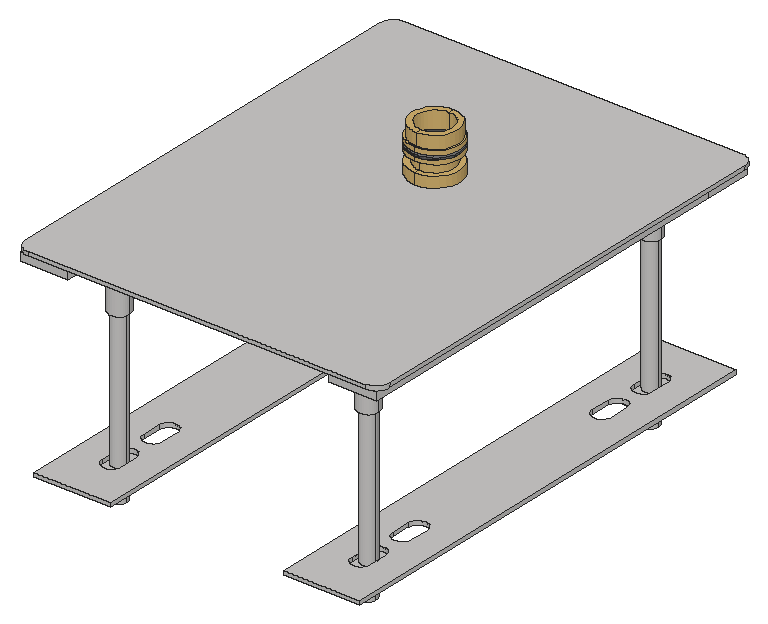
Revit family "PRD_AR_ShwrFttngsPckg_MountingPlate_ACXX2023", category Specialty Equipment, host Face, Revit 2023
Family settings
  Host = Face
  Round Connector Dimension = Use Diameter
  Part Type = Normal
  OmniClass Number = 23.45.05.14.99
  OmniClass Title = Other Sanitary Washing Plumbing Fixtures
  Enable Cutting in Views = Yes
  Cut with Voids When Loaded = Yes
  Maintain Annotation Orientation = No
  Shared = No
  Room Calculation Point = No
Parameters (values of type "ACXX2023")
  Waste Connection = yes
  WarrantyStartDate [instance] = "1900-12-31T23:59:59"
  WarrantyGuarantorParts = "n/a"
  WarrantyGuarantorLabor = "n/a"
  WarrantyDurationUnit = "n/a"
  WarrantyDurationParts = "n/a"
  WarrantyDurationLabor = "n/a"
  WarrantyDescription = "n/a"
  WallThicknessControl [instance] = if(WallThickness < 50 mm, 50 mm, if(WallThickness > 500 mm, 500 mm, WallThickness))  # 100 mm
  WallThickness [instance] = 100 mm
  WFU = 0
  Version = "1"
  Vent Connection = yes
  Uniclass2015Version = "Products v1.36"
  Uniclass2015Title = "Shower fittings package"
  Uniclass2015Code = "Pr_40_20_87_75"
  URL = "www.kwc-professional.com"
  TypeOfShowerHead = "Jet shower head"
  Type IFC Predefined Type = "USERDEFINED"
  Type = "Shower head"
  TagNumber [instance] = "n/a"
  SustainabilityPerformance = "n/a"
  Status = "New"
  Size = "15"
  Shape = "n/a"
  SerialNumber [instance] = "n/a"
  Revision = "n/a"
  ReplacementCost = "n/a"
  Reference = "n/a"
  ProductInformation = "http://pim.kwc.com/product/2030068175/attachment/datasheet?locale=en"
  NominalWidth = 190 mm
  NominalLength = 245 mm
  NominalHeight = 245 mm
  NominalDepth = 2 mm
  Name = "Mounting plate ACXX2023"
  NBSTypeID = "n/a"
  NBSReference = "45-35-70/330"
  NBSOfficeMasterTag = "n/a"
  NBSNote = "n/a"
  NBSDescription = "Shower fittings package"
  NBSCertification = "n/a"
  ModelReference = "ACXX2023"
  ModelNumber = "2030068175"
  Model = ModelReference  # "ACXX2023"
  Material = "Stainless steel"
  ManufacturerURL = "www.kwc-professional.com"
  ManufacturerName = "KWC Group Management AG"
  Manufacturer = ManufacturerName  # "KWC Group Management AG"
  InstallationDate [instance] = "1900-12-31T23:59:59"
  IfcExportType = "USERDEFINED"
  IfcExportAs = "IfcSanitaryTerminalType"
  HWFU = 0
  HW Connection = yes
  Grade = "n/a"
  Finish = "n/a"
  Features = "Stainless steel plate 190 x 245 x 2 mm for invisiblemounting via threaded rods, up to a wall thickness of 50 to 500 mm"
  Export Type to IFC As = "IfcSanitaryTerminalType"
  ExpectedLife = "n/a"
  DurationUnit = "n/a"
  Description = "Mounting plate with connecting nozzles for shower head DN 15 for concealed mounting. Especially suitable for facilities at risk of vandalism. Stainless steel plate 190 x 245 x 2 mm for invisible mounting via threaded rods, up to a wall thickness of 50 to 500 mm, with connecting nozzle with pre-fitted flow regulator 9.0 l/min for KWC shower head DN 15 (required separately)."
  Default Elevation = 1219.2 mm
  CreateOn = "04/2025"  # constant formula
  Constituents = "n/a"
  Color = "n/a"
  CodePerformance = "n/a"
  Category = "Pr_40_20_87_75, Shower fittings package"
  CWFU = 0
  CW Connection = yes
  BodyMaterial = PRD_AR_StainlessSteel_Brushed
  BarCode [instance] = "n/a"
  BIMObjectName = "PRD_AR_ShowerFittingsPackage_MountingPlate_ACXX2023"
  Author = "Archispace"
  AssetType = "Fixed"
  AssetIdentifier [instance] = "n/a"
  AdjustableTiltAngle = "No"
  AccessibilityPerformance = "n/a"
Reference planes
  plane 1 "Center (Front/Back)": y = 0
  plane 2: z = 0
  plane 3 "Center (Left/Right)": x = 0
  plane 4: z = -100
Forms (mm)
  Extrusion 1, void
    sketch origin (0, 0, 0) x (1, 0, 0) y (0, 1, 0)
      loop
        circle (0, 4.921) r 11.456
    from -25 to 17.126
  Extrusion 2, void
    sketch origin (0, 0, 0) x (1, 0, 0) y (0, 1, 0)
      loop
        line (-73.04, 101.038) -> (-73.04, 0) -> (-73.04, -101.038) -> (0, -101.038) -> (73.04, -101.038) -> (73.04, 0) -> (73.04, 101.038) -> (0, 101.038) -> (-73.04, 101.038)
    from 0 to -100
Dimensions and locks
  "WallThicknessControl": level to plane 4
  aligned and locked: plane 2 to host face
  aligned and locked: level to host face
  aligned and locked: Extrusion 2 to plane 4
Automatic sketch dimensions
  host sketch curve to host sketch curve = 2438.4 mm  (x2)
  Extrusion 1 sketch curve to Extrusion 1 sketch curve = 0 mm  (x2)
  Extrusion 1 sketch curve to plane 3 "Center (Left/Right)" = 0 mm
  Extrusion 1 sketch curve to plane 1 "Center (Front/Back)" = 4.921 mm
  Extrusion 1 sketch curve to Extrusion 1 sketch curve = 11.456 mm
  plane 1 "Center (Front/Back)" to Extrusion 2 sketch curve = 0 mm  (x2)
  Extrusion 2 sketch curve to plane 3 "Center (Left/Right)" = 0 mm  (x2)
  Extrusion 2 sketch curve to Extrusion 2 sketch curve = 73.04 mm
  plane 3 "Center (Left/Right)" to Extrusion 2 sketch curve = 73.04 mm
  plane 1 "Center (Front/Back)" to Extrusion 2 sketch curve = 101.038 mm
  Extrusion 2 sketch curve to plane 1 "Center (Front/Back)" = 101.038 mm
Nested families
  nested 1: "MountingPlate" at (0, 0, 0) x (-1, 0, 0) z (0, 0, 1), Wall Thickness <- "WallThickness", type "MountingPlate"
    with Wall Thickness_Control 100 mm, Wall Thickness 100 mm
Connectors
  piping at (0, 32.5, -18), diameter 15
    settings: on nested 1, index 1, connector inside diameter 609.6 mm, connector length 0 mm, flow factor 0, pipe flow 0.0 L/s, pressure drop 0.0 Pa, fitting loss kfactor 0, connector angle 0.00°, fixture units 0, engagement length 0 mm, angle of deflection 0.00°, flow configuration 0, flow direction 1, fitting loss method 0, system type 20, joint type 0, gender type 0, connector reference index -1, connector utility 0, adjustable connector no, is connector primary yes, connector description "G1/2B"
Definition of nested family "MountingPlate"
  Parameters (values of type "MountingPlate")
    Wall Thickness_Control [instance] = if(Wall Thickness < 50 mm, 50 mm, if(Wall Thickness > 500 mm, 500 mm, Wall Thickness))  # 130 mm
    Wall Thickness [instance] = 130 mm
    Material = none
    Default Elevation = 0 mm
    Brass Material = none
  Reference planes
    plane 1 "Center (Front/Back)": y = 0
    plane 2: z = 0
    plane 3 "Center (Left/Right)": x = 0
    plane 4: z = -148.736
    plane 5: z = -132
    plane 6: z = -130
    plane 7: z = 2
    plane 8: z = -4.4
    plane 9: z = 26
    plane 10: z = -18
  Forms (mm)
    Extrusion 1, solid, material <- "Material", detail levels fine
      sketch origin (0, 0, 0) x (1, 0, 0) y (0, 1, 0)
        loop
          line (-95, 115.5) -> (-95, -115.5)
          arc (-95, -115.5) -> (-92.95, -120.45) -> (-88, -122.5) r 7
          line (-88, -122.5) -> (88, -122.5)
          arc (88, -122.5) -> (92.95, -120.45) -> (95, -115.5) r 7
          line (95, -115.5) -> (95, 115.5)
          arc (95, 115.5) -> (92.95, 120.45) -> (88, 122.5) r 7
          line (88, 122.5) -> (-88, 122.5)
          arc (-88, 122.5) -> (-92.95, 120.45) -> (-95, 115.5) r 7
      from 0 to 2
    Revolve 2, solid, material <- "Brass Material", detail levels fine
      sketch origin (0, 0, 0) x (0, 1, 0) y (0, 0, 1)
        loop
          line (-25.576, -18) -> (-22.976, -18) -> (-22, -17.023) -> (-22, -1.4) -> (-15.929, -1.4) -> (-15.929, 0) -> (-23.177, 0) -> (-23.177, 2) -> (-19.423, 2) -> (-19.423, 7.5) -> (-22.512, 7.5) -> (-22.512, 13) -> (-19.423, 13) -> (-19.423, 15) -> (-23.316, 15) -> (-25.576, 12.74) -> (-25.576, -18)
        loop
          line (-19.423, 19.5) -> (-20.5, 19.5) -> (-20.5, 26) -> (-23.316, 26) -> (-23.316, 17.3) -> (-19.423, 17.3) -> (-19.423, 19.5)
        axis (-32.5, 26) -> (-32.5, -18)
      angle from 0 to 360
    Extrusion 3, solid, material <- "Brass Material", detail levels fine
      sketch origin (0, 0, 0) x (1, 0, 0) y (0, 1, 0)
        loop
          line (0, -16.334) -> (-14, -24.417) -> (-14, -40.583) -> (0, -48.666) -> (14, -40.583) -> (14, -24.417) -> (0, -16.334)
      from -4.4 to -1.436
    Revolve 4, solid, detail levels fine
      sketch origin (0, 0, 0) x (0, 1, 0) y (0, 0, 1)
        loop
          circle (-20.493, 16.007) r 1.002
        axis (-32.5, 16.007) -> (-32.5, 15.007)
      angle from 0 to 360
    Extrusion 5, solid, material <- "Material", detail levels fine
      sketch origin (0, 0, 0) x (1, 0, 0) y (0, 1, 0)
        loop
          line (-93, 121.5) -> (-93, -94.5) -> (-68, -94.5) -> (-68, 121.5) -> (-93, 121.5)
        loop
          line (93, 121.5) -> (68, 121.5) -> (68, -94.5) -> (93, -94.5) -> (93, 121.5)
      from -4.4 to 0
    Extrusion 6, solid, material <- "Material", detail levels fine
      sketch origin (0, 0, 0) x (1, 0, 0) y (0, 1, 0)
        loop
          line (-93, -94.5) -> (-93, -119.5) -> (93, -119.5) -> (93, -94.5) -> (-93, -94.5)
      from -4.4 to 0
    Extrusion 7, solid, material <- "Material", detail levels medium+fine
      sketch origin (0, 0, 0) x (1, 0, 0) y (0, 1, 0)
        loop
          circle (-64.946, 92.047) r 5.42
      from -30.436 to 0
    Extrusion 8, solid, material <- "Material", detail levels medium+fine
      sketch origin (0, 0, 0) x (-1, 0, 0) y (0, -1, 0)
        loop
          circle (-64.946, -92.047) r 5.42
      from -30.436 to 0
    Extrusion 9, solid, material <- "Material", detail levels medium+fine
      sketch origin (0, 0, 0) x (-1, 0, 0) y (0, -1, 0)
        loop
          circle (-64.946, 92.047) r 5.42
      from -30.436 to 0
    Extrusion 10, solid, material <- "Material", detail levels medium+fine
      sketch origin (0, 0, 0) x (1, 0, 0) y (0, 1, 0)
        loop
          circle (-64.946, -92.047) r 5.42
      from -30.436 to 0
    Extrusion 11, solid, material <- "Material", detail levels medium+fine
      sketch origin (0, 0, 0) x (1, 0, 0) y (0, 1, 0)
        loop
          circle (-64.946, 92.047) r 4.038
        loop
          circle (64.946, 92.047) r 4.038
        loop
          circle (64.946, -92.047) r 4.038
        loop
          circle (-64.946, -92.047) r 4.038
      from -148.736 to -30.436
    Sweep 12, solid, material <- "Material", detail levels fine
      path origin (0, 0, 0) x (0, 1, 0) y (0, 0, 1)
        loop
          line (122.5, -132) -> (122.5, -130)
      profile origin (0, 122.5, -131) x (0, -1, 0) y (1, 0, 0)
        loop
          line (0, -85) -> (245, -85) -> (245, -45) -> (0, -45) -> (0, -85)
        loop
          line (192.5, -60) -> (182.5, -60)
          arc (182.5, -60) -> (177.5, -65) -> (182.5, -70) r 5
          line (182.5, -70) -> (192.5, -70)
          arc (192.5, -70) -> (197.5, -65) -> (192.5, -60) r 5
        loop
          line (219.5, -60) -> (209.5, -60)
          arc (209.5, -60) -> (204.5, -65) -> (209.5, -70) r 5
          line (209.5, -70) -> (219.5, -70)
          arc (219.5, -70) -> (224.5, -65) -> (219.5, -60) r 5
        loop
          arc (52.5, -60) -> (47.5, -65) -> (52.5, -70) r 5
          line (52.5, -70) -> (62.5, -70)
          arc (62.5, -70) -> (67.5, -65) -> (62.5, -60) r 5
          line (62.5, -60) -> (52.5, -60)
        loop
          arc (25.5, -60) -> (20.5, -65) -> (25.5, -70) r 5
          line (25.5, -70) -> (35.5, -70)
          arc (35.5, -70) -> (40.5, -65) -> (35.5, -60) r 5
          line (35.5, -60) -> (25.5, -60)
        loop
          line (0, 85) -> (0, 45) -> (245, 45) -> (245, 85) -> (0, 85)
        loop
          arc (192.5, 60) -> (197.5, 65) -> (192.5, 70) r 5
          line (192.5, 70) -> (182.5, 70)
          arc (182.5, 70) -> (177.5, 65) -> (182.5, 60) r 5
          line (182.5, 60) -> (192.5, 60)
        loop
          arc (219.5, 60) -> (224.5, 65) -> (219.5, 70) r 5
          line (219.5, 70) -> (209.5, 70)
          arc (209.5, 70) -> (204.5, 65) -> (209.5, 60) r 5
          line (209.5, 60) -> (219.5, 60)
        loop
          line (52.5, 60) -> (62.5, 60)
          arc (62.5, 60) -> (67.5, 65) -> (62.5, 70) r 5
          line (62.5, 70) -> (52.5, 70)
          arc (52.5, 70) -> (47.5, 65) -> (52.5, 60) r 5
        loop
          line (25.5, 60) -> (35.5, 60)
          arc (35.5, 60) -> (40.5, 65) -> (35.5, 70) r 5
          line (35.5, 70) -> (25.5, 70)
          arc (25.5, 70) -> (20.5, 65) -> (25.5, 60) r 5
    Sweep 13, solid, material <- "Material", detail levels fine
      path origin (0, 0, 0) x (0, 1, 0) y (0, 0, 1)
        loop
          line (106, -135) -> (106, -132)
      profile origin (0, 106, -133.5) x (0, -1, 0) y (1, 0, 0)
        loop
          circle (13.984, -64.949) r 13.871
        loop
          circle (13.984, 64.949) r 13.871
        loop
          circle (198.016, -64.949) r 13.871
        loop
          circle (198.016, 64.949) r 13.871
    Sweep 14, solid, material <- "Material", detail levels fine
      path origin (0, 0, 0) x (0, 1, 0) y (0, 0, 1)
        loop
          line (93.672, -141.8) -> (93.672, -135)
      profile origin (0, 93.672, -138.4) x (0, -1, 0) y (1, 0, 0)
        loop
          line (-5.834, -65) -> (-2.081, -71.5) -> (5.425, -71.5) -> (9.177, -65) -> (5.425, -58.5) -> (-2.081, -58.5) -> (-5.834, -65)
        loop
          line (-5.834, 65) -> (-2.081, 58.5) -> (5.425, 58.5) -> (9.177, 65) -> (5.425, 71.5) -> (-2.081, 71.5) -> (-5.834, 65)
        loop
          line (193.177, -65) -> (189.425, -58.5) -> (181.919, -58.5) -> (178.166, -65) -> (181.919, -71.5) -> (189.425, -71.5) -> (193.177, -65)
        loop
          line (193.177, 65) -> (189.425, 71.5) -> (181.919, 71.5) -> (178.166, 65) -> (181.919, 58.5) -> (189.425, 58.5) -> (193.177, 65)
    Extrusion 15, solid, material <- "Material", detail levels coarse
      sketch origin (0, 122.5, -132) x (0, 1, 0) y (-1, 0, 0)
        loop
          line (0, 95) -> (-245, 95) -> (-245, -95) -> (0, -95) -> (0, 95)
      from -16.736 to 134
    Extrusion 16, solid, material <- "Brass Material", detail levels coarse
      sketch origin (0, 122.5, -132) x (0, 1, 0) y (-1, 0, 0)
        loop
          circle (-155, 0) r 16.571
      from 114 to 158
    Extrusion 17, solid, material <- "Material", detail levels medium
      sketch origin (0, 122.5, -132) x (0, 1, 0) y (-1, 0, 0)
        loop
          line (-245, 95) -> (-245, -95) -> (0, -95) -> (0, 95) -> (-245, 95)
      from 127.6 to 134
    Sweep 18, solid, material <- "Material", detail levels medium
      path origin (0, 0, 0) x (0, 1, 0) y (0, 0, 1)
        loop
          line (122.5, -132) -> (122.5, -130)
      profile origin (0, 122.5, -131) x (0, -1, 0) y (1, 0, 0)
        loop
          line (0, -85) -> (245, -85) -> (245, -45) -> (0, -45) -> (0, -85)
        loop
          line (0, 85) -> (0, 45) -> (245, 45) -> (245, 85) -> (0, 85)
    Revolve 19, solid, material <- "Brass Material", detail levels medium
      sketch origin (0, 0, 0) x (0, 1, 0) y (0, 0, 1)
        loop
          line (-32.5, -18) -> (-22, -18) -> (-22, -1.4) -> (-15.929, -1.4) -> (-15.929, 0) -> (-23.177, 0) -> (-23.177, 2) -> (-19.423, 2) -> (-19.423, 7.5) -> (-22.512, 7.5) -> (-22.512, 13) -> (-19.423, 13) -> (-19.423, 19.5) -> (-20.5, 19.5) -> (-20.5, 26) -> (-32.5, 26) -> (-32.5, -18)
        axis (-32.5, 26) -> (-32.5, -18)
      angle from 0 to 360
  Dimensions and locks
    locked: plane 5 to plane 4 at 16.736
    locked: Sweep 12 sketch curve to plane 5 at 2
    locked: Sweep 13 sketch curve to Sweep 13 sketch curve at 3
    locked: plane 5 to Sweep 14 sketch curve at 3
    locked: Sweep 14 sketch curve to Sweep 14 sketch curve at 6.8
    locked: plane 6 to plane 5 at 2
    "Wall Thickness_Control": level to plane 6
    aligned and locked: level to plane 2
    aligned and locked: Extrusion 11 to plane 4
    aligned and locked: plane 5 to Sweep 12 sketch curve
    aligned and locked: plane 5 to Sweep 13 sketch curve
    aligned and locked: Extrusion 15 to plane 4
    aligned and locked: Extrusion 17 to Extrusion 3
    aligned and locked: Extrusion 17 to Extrusion 1
    aligned and locked: Extrusion 15 to Extrusion 1
    aligned and locked: plane 9 to Extrusion 16
    aligned and locked: plane 10 to Extrusion 16
  Automatic sketch dimensions
    Extrusion 1 sketch curve to plane 3 "Center (Left/Right)" = 95 mm
    Extrusion 1 sketch curve to Extrusion 1 sketch curve = 7 mm  (x3)
    plane 3 "Center (Left/Right)" to Extrusion 1 sketch curve = 88 mm  (x2)
    plane 1 "Center (Front/Back)" to Extrusion 1 sketch curve = 122.5 mm
    Extrusion 1 sketch curve to plane 1 "Center (Front/Back)" = 115.5 mm
    Revolve 2 sketch curve to level = 0 mm
    plane 1 "Center (Front/Back)" to Revolve 2 sketch curve = 25.576 mm
    Revolve 2 sketch curve to Revolve 2 sketch curve = 2.26 mm
    Revolve 2 sketch curve to Revolve 2 sketch curve = 0 mm  (x2)
    Revolve 2 sketch curve to Revolve 2 sketch curve = 2.399 mm
    Revolve 2 sketch curve to Revolve 2 sketch curve = 2.6 mm
    Revolve 2 sketch curve to Revolve 2 sketch curve = 0.665 mm
    Revolve 2 sketch curve to Revolve 2 sketch curve = 1.178 mm
    Revolve 2 sketch curve to Revolve 2 sketch curve = 2.816 mm
    Revolve 2 sketch curve to Revolve 2 sketch curve = 3.089 mm  (x2)
    Revolve 2 sketch curve to level = 1.4 mm
    Revolve 2 sketch curve to Revolve 2 sketch curve = 3.495 mm
    Revolve 2 sketch curve to Revolve 2 sketch curve = 15.623 mm
    Revolve 2 sketch curve to Revolve 2 sketch curve = 0.977 mm
    level to Revolve 2 sketch curve = 2 mm
    Revolve 2 sketch curve to Revolve 2 sketch curve = 5.5 mm
    Revolve 2 sketch curve to Revolve 2 sketch curve = 5.24 mm
    Revolve 2 sketch curve to Revolve 2 sketch curve = 0.26 mm
    Revolve 2 sketch curve to Revolve 2 sketch curve = 2 mm
    Revolve 2 sketch curve to Revolve 2 sketch curve = 2.3 mm
    Revolve 2 sketch curve to Revolve 2 sketch curve = 2.2 mm
    Revolve 2 sketch curve to Revolve 2 sketch curve = 6.5 mm
    level to Revolve 2 sketch curve = 2.625 mm
    Revolve 2 sketch curve to Revolve 2 sketch curve = 9.323 mm
    Revolve 2 sketch curve to Revolve 2 sketch curve = 4.375 mm
    Extrusion 3 sketch curve to plane 3 "Center (Left/Right)" = 0 mm  (x2)
    Extrusion 3 sketch curve to plane 3 "Center (Left/Right)" = 14 mm
    plane 3 "Center (Left/Right)" to Extrusion 3 sketch curve = 14 mm
    plane 1 "Center (Front/Back)" to Extrusion 3 sketch curve = 48.666 mm
    Extrusion 3 sketch curve to Extrusion 3 sketch curve = 8.083 mm  (x3)
    Extrusion 3 sketch curve to Extrusion 3 sketch curve = 16.166 mm  (x2)
    plane 1 "Center (Front/Back)" to Revolve 4 sketch curve = 20.493 mm
    level to Revolve 4 sketch curve = 16.007 mm
    Revolve 4 sketch curve to Revolve 4 sketch curve = 12.007 mm
    level to Revolve 4 sketch curve = 8.826 mm
    Revolve 4 sketch curve to Revolve 4 sketch curve = 9.993 mm
    Extrusion 5 sketch curve to plane 3 "Center (Left/Right)" = 93 mm
    Extrusion 5 sketch curve to Extrusion 5 sketch curve = 25 mm  (x2)
    plane 3 "Center (Left/Right)" to Extrusion 5 sketch curve = 68 mm
    plane 1 "Center (Front/Back)" to Extrusion 5 sketch curve = 94.5 mm  (x2)
    Extrusion 5 sketch curve to plane 1 "Center (Front/Back)" = 121.5 mm  (x2)
    Extrusion 6 sketch curve to plane 3 "Center (Left/Right)" = 93 mm
    plane 3 "Center (Left/Right)" to Extrusion 6 sketch curve = 93 mm
    plane 1 "Center (Front/Back)" to Extrusion 6 sketch curve = 119.5 mm
    Extrusion 6 sketch curve to Extrusion 6 sketch curve = 25 mm
    Extrusion 7 sketch curve to plane 3 "Center (Left/Right)" = 64.946 mm
    Extrusion 7 sketch curve to plane 1 "Center (Front/Back)" = 92.047 mm
    plane 3 "Center (Left/Right)" to Extrusion 8 sketch curve = 64.946 mm
    Extrusion 8 sketch curve to plane 1 "Center (Front/Back)" = 92.047 mm
    plane 3 "Center (Left/Right)" to Extrusion 9 sketch curve = 64.946 mm
    plane 1 "Center (Front/Back)" to Extrusion 9 sketch curve = 92.047 mm
    Extrusion 10 sketch curve to plane 3 "Center (Left/Right)" = 64.946 mm
    plane 1 "Center (Front/Back)" to Extrusion 10 sketch curve = 92.047 mm
    Extrusion 11 sketch curve to plane 3 "Center (Left/Right)" = 64.946 mm  (x2)
    plane 3 "Center (Left/Right)" to Extrusion 11 sketch curve = 64.946 mm  (x2)
    plane 1 "Center (Front/Back)" to Extrusion 11 sketch curve = 92.047 mm  (x2)
    Extrusion 11 sketch curve to plane 1 "Center (Front/Back)" = 92.047 mm  (x2)
    Sweep 12 sketch curve to plane 1 "Center (Front/Back)" = 122.5 mm
    Sweep 12 sketch curve to profile plane = 0 mm  (x2)
    Sweep 12 sketch curve to profile plane = 25.5 mm  (x2)
    Sweep 12 sketch curve to Sweep 12 sketch curve = 10 mm  (x8)
    Sweep 12 sketch curve to Sweep 12 sketch curve = 17 mm  (x4)
    Sweep 12 sketch curve to plane 3 "Center (Left/Right)" = 70 mm  (x2)
    Sweep 12 sketch curve to Sweep 12 sketch curve = 120 mm  (x2)
    Sweep 12 sketch curve to Sweep 12 sketch curve = 25.5 mm  (x2)
    Sweep 12 sketch curve to Sweep 12 sketch curve = 15 mm  (x5)
    Sweep 12 sketch curve to Sweep 12 sketch curve = 0 mm  (x4)
    Sweep 12 sketch curve to Sweep 12 sketch curve = 5 mm  (x8)
    plane 3 "Center (Left/Right)" to Sweep 12 sketch curve = 45 mm
    Sweep 13 sketch curve to plane 1 "Center (Front/Back)" = 106 mm
    Sweep 13 sketch curve to profile plane = 13.984 mm  (x2)
    plane 3 "Center (Left/Right)" to Sweep 13 sketch curve = 64.949 mm  (x2)
    Sweep 13 sketch curve to Sweep 13 sketch curve = 184.032 mm
    Sweep 13 sketch curve to plane 3 "Center (Left/Right)" = 64.949 mm  (x2)
    Sweep 13 sketch curve to Sweep 13 sketch curve = 0 mm
    Sweep 14 sketch curve to plane 1 "Center (Front/Back)" = 93.672 mm
    profile plane to Sweep 14 sketch curve = 5.834 mm  (x2)
    profile plane to Sweep 14 sketch curve = 2.081 mm  (x4)
    Sweep 14 sketch curve to profile plane = 5.425 mm  (x4)
    Sweep 14 sketch curve to Sweep 14 sketch curve = 3.753 mm  (x8)
    plane 3 "Center (Left/Right)" to Sweep 14 sketch curve = 65 mm  (x2)
    Sweep 14 sketch curve to Sweep 14 sketch curve = 168.989 mm
    Sweep 14 sketch curve to plane 3 "Center (Left/Right)" = 65 mm  (x2)
    Sweep 14 sketch curve to Sweep 14 sketch curve = 0 mm
    Sweep 14 sketch curve to plane 3 "Center (Left/Right)" = 71.5 mm  (x2)
    plane 3 "Center (Left/Right)" to Sweep 14 sketch curve = 71.5 mm
    plane 3 "Center (Left/Right)" to Sweep 14 sketch curve = 58.5 mm  (x2)
    Sweep 14 sketch curve to Sweep 14 sketch curve = 7.506 mm  (x4)
    Sweep 14 sketch curve to Sweep 14 sketch curve = 6.5 mm  (x7)
    plane 1 "Center (Front/Back)" to Extrusion 15 sketch curve = 122.5 mm
    plane 3 "Center (Left/Right)" to Extrusion 15 sketch curve = 95 mm
    Extrusion 15 sketch curve to plane 1 "Center (Front/Back)" = 122.5 mm
    Extrusion 15 sketch curve to plane 3 "Center (Left/Right)" = 95 mm
    Extrusion 16 sketch curve to Extrusion 16 sketch curve = 0 mm  (x2)
    Extrusion 16 sketch curve to plane 3 "Center (Left/Right)" = 0 mm
    plane 1 "Center (Front/Back)" to Extrusion 16 sketch curve = 32.5 mm
    Extrusion 16 sketch curve to Extrusion 16 sketch curve = 16.571 mm
    plane 1 "Center (Front/Back)" to Extrusion 17 sketch curve = 122.5 mm
    Extrusion 17 sketch curve to plane 3 "Center (Left/Right)" = 95 mm
    plane 3 "Center (Left/Right)" to Extrusion 17 sketch curve = 95 mm
    Extrusion 17 sketch curve to plane 1 "Center (Front/Back)" = 122.5 mm
    Sweep 18 sketch curve to plane 6 = 0 mm
    Sweep 18 sketch curve to plane 5 = 0 mm
    Sweep 18 sketch curve to plane 1 "Center (Front/Back)" = 122.5 mm
    Sweep 18 sketch curve to profile plane = 0 mm  (x2)
    plane 3 "Center (Left/Right)" to Sweep 18 sketch curve = 45 mm
    Sweep 18 sketch curve to plane 3 "Center (Left/Right)" = 85 mm
    Sweep 18 sketch curve to Sweep 18 sketch curve = 40 mm  (x2)
    Sweep 18 sketch curve to Sweep 18 sketch curve = 0 mm
    Sweep 18 sketch curve to profile plane = 245 mm
    Revolve 19 sketch curve to level = 0 mm
    plane 1 "Center (Front/Back)" to Revolve 19 sketch curve = 32.5 mm
    level to Revolve 19 sketch curve = 2 mm
    Revolve 19 sketch curve to Revolve 19 sketch curve = 9.323 mm  (x2)
    Revolve 19 sketch curve to Revolve 19 sketch curve = 0.665 mm
    Revolve 19 sketch curve to Revolve 19 sketch curve = 10.5 mm
    Revolve 19 sketch curve to Revolve 19 sketch curve = 12 mm
    Revolve 19 sketch curve to Revolve 19 sketch curve = 3.089 mm  (x2)
    Revolve 19 sketch curve to level = 1.4 mm
    Revolve 19 sketch curve to Revolve 19 sketch curve = 3.495 mm
    Revolve 19 sketch curve to Revolve 19 sketch curve = 16.6 mm
    Revolve 19 sketch curve to Revolve 19 sketch curve = 5.5 mm  (x2)
    Revolve 19 sketch curve to Revolve 19 sketch curve = 6.5 mm  (x2)
    level to Revolve 19 sketch curve = 2.625 mm
    Revolve 19 sketch curve to Revolve 19 sketch curve = 4.375 mm
    radius of Revolve 4 sketch curve = 1.002 mm
    radius of Extrusion 7 sketch curve = 5.42 mm
    radius of Extrusion 8 sketch curve = 5.42 mm
    radius of Extrusion 9 sketch curve = 5.42 mm
    radius of Extrusion 10 sketch curve = 5.42 mm
    radius of Extrusion 11 sketch curve = 4.038 mm  (x4)
    radius of Sweep 13 sketch curve = 13.871 mm  (x4)
